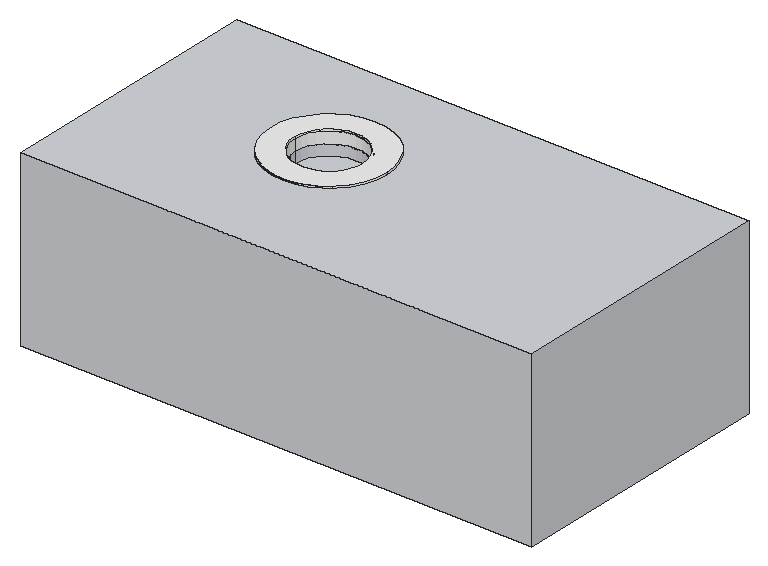
Revit family "Lighting-Recessed-Lucifer-2RA-High Flux", category Lighting Fixtures, host Face, Revit 2017
Family settings
  Host = Face
  Round Connector Dimension = Use Diameter
  Part Type = Normal
  Cut with Voids When Loaded = No
  Light Source = Yes
  Shared = No
  Room Calculation Point = No
Parameters (values of type "2RA-High Flux")
  Trim = 4.08"
  Housing Width = 9.50"
  Wattage = 9.2903 W
  built-in parameter 1150110 = 1 (stored number, unit not read)
  Voltage = 0 V
  URL = "https://www.luciferlighting.com/"
  built-in parameter 1114217 = 1 (stored number, unit not read)
  Tilt Angle = -90.00°
  built-in parameter 1150109 = 1 (stored number, unit not read)
  built-in parameter 1150134 = 3
  built-in parameter 1150113 = 1 (stored number, unit not read)
  Power Factor = 1
  Photometric Web File = "Load File"
  Number of Poles = 1
  built-in parameter 1150142 = (empty or 0)
  Model = "2RA High Flux"
  Manufacturer = "Lucifer Lighting"
  built-in parameter 1150105 = 109.82 (stored number, unit not read)
  Lumens = 1380 lm
  built-in parameter 1150115 = 1 (stored number, unit not read)
  built-in parameter 1150137 = (empty or 0)
  built-in parameter 1150139 = (empty or 0)
  Housing Length = 18.00"
  built-in parameter 1150112 = 1 (stored number, unit not read)
  built-in parameter 1150114 = 1 (stored number, unit not read)
  Lamp = "LED"
  built-in parameter 1150132 = (empty or 0)
  built-in parameter 1150102 = (empty or 0)
  built-in parameter 1150107 = 3200 (stored number, unit not read)
  built-in parameter 1150138 = (empty or 0)
  built-in parameter 1150106 = 1.0982 (stored number, unit not read)
  Housing Height = 6.50"
  Emit from Circle Diameter = 2.40"
  Emit Shape Visible in Rendering = no
  built-in parameter 1150104 = 13.8 (stored number, unit not read)
  Dimming Lamp Color Temperature Shift = <None>
  Description = "Recessed Downlight Adjustable"
  Default Elevation = 48.00"
  Color Filter = 16777215
  built-in parameter 1114218 = 1 (stored number, unit not read)
  built-in parameter 1150133 = 10 (stored number, unit not read)
  Apparent Load = 0 VA
  Aperture Diameter = 2.40"
  Aperture Center Line = 7.05"
Reference planes (in)
  plane 1 "Center (Front/Back)": y = 0
  plane 2: z = 0
  plane 3 "Center (Left/Right)": x = 0
  plane 4: z = -6.5
  plane 5: x = -7.05
  plane 6: x = 10.95
  plane 7: y = 4.75
  plane 8: y = -4.75
  plane 9: x = -7.05
Forms (in)
  Extrusion 1, solid, material "Trim Finish"
    sketch origin (0, 0, 0) x (1, 0, 0) y (0, 1, 0)
      loop
        circle (0, 0) r 2.04
      loop
        circle (0, 0) r 1.2
    from 0 to 0.05232
  Extrusion 2, solid
    sketch origin (0, 0, 0) x (1, 0, 0) y (0, 1, 0)
      loop
        line (-7.05, 4.75) -> (-7.05, -4.75) -> (10.95, -4.75) -> (10.95, 4.75) -> (-7.05, 4.75)
    from -0.42004 to -6.5
  Extrusion 3, void
    sketch origin (0, 0, 0) x (1, 0, 0) y (0, 1, 0)
      loop
        circle (0, 0) r 1.2
    from -0.79765 to 0.05232
  Extrusion 4, solid, material "Housing"
    sketch origin (0, 0, 0) x (1, 0, 0) y (0, 1, 0)
      loop
        circle (0, 0) r 1.2
      loop
        circle (0, 0) r 1.25
    from -0.79765 to 0
Cuts and joins
  Extrusion 3 cuts Extrusion 1
  Extrusion 3 cuts Extrusion 2
Dimensions and locks (in)
  "Housing Height": host face to plane 4
  "Housing Length": plane 5 to plane 6
  "Housing Width": plane 7 to plane 8
  equal spacing: plane 7, plane 1 "Center (Front/Back)", plane 8
  "Aperture Center Line": plane 9 to plane 3 "Center (Left/Right)"
  "Aperture Diameter": diameter of Extrusion 1 sketch curve
  "Trim": diameter of Extrusion 1 sketch curve
  aligned and locked: plane 2 to host face
  aligned and locked: level to host face
  aligned and locked: Extrusion 2 sketch curve to plane 7
  aligned and locked: plane 5 to Extrusion 2 sketch curve
  aligned and locked: Extrusion 2 sketch curve to plane 6
  aligned and locked: plane 8 to Extrusion 2 sketch curve
  aligned and locked: Extrusion 2 to plane 4
  aligned and locked: Extrusion 4 to cut or joined group of Extrusion 2, Extrusion 3
  aligned and locked: level to Extrusion 4
Automatic sketch dimensions
  host sketch curve to host sketch curve = 96.00"  (x2)
  plane 1 "Center (Front/Back)" to Extrusion 3 sketch curve = 0.00"
  Extrusion 3 sketch curve to plane 3 "Center (Left/Right)" = 0.00"
  Extrusion 4 sketch curve to Extrusion 4 sketch curve = 0.00"  (x2)
  plane 1 "Center (Front/Back)" to Extrusion 4 sketch curve = 0.00"
  Extrusion 4 sketch curve to plane 3 "Center (Left/Right)" = 0.00"
  Extrusion 1 sketch curve to Extrusion 1 sketch curve = 0.00"  (x2)
  plane 1 "Center (Front/Back)" to Extrusion 1 sketch curve = 0.00"
  Extrusion 1 sketch curve to plane 3 "Center (Left/Right)" = 0.00"
  radius of Extrusion 3 sketch curve = 1.20"
  radius of Extrusion 4 sketch curve = 1.20"
  radius of Extrusion 4 sketch curve = 1.25"
Connectors (in)
  electrical at (1.95, 0, -6.5), driven by "Number of Poles", driven by "Voltage", driven by "Apparent Load", driven by "Power Factor"
    settings: on cut or joined group of Extrusion 2, Extrusion 3, index 1, voltage 0 V, apparent load 0 VA, apparent load phase1 0 VA, apparent load phase2 0 VA, apparent load phase3 0 VA, power factor 1, load classification "Other", number of poles 1, system type 31, power factor state 1, is connector primary yes, connector utility no, sub classification motor no, connector description ""
